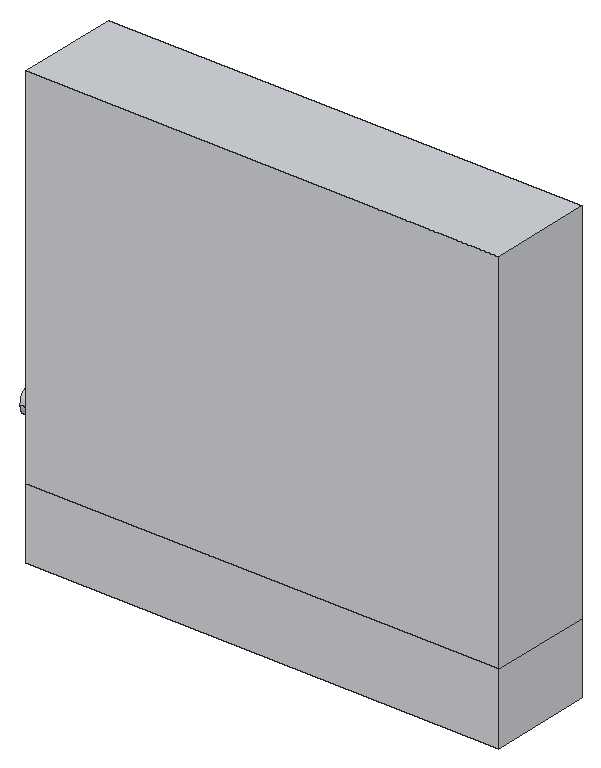
Revit family "Serpentina AHU - Água resfriada - HDT", category Equipamento mecânico, Revit 2019
Family settings
  Cota do conector redondo = Usar raio
  Tipo de parte = Normal
  ID de item do Seek = AHU Coil - Refrigerant - Indoor-0000-USA-ENU
  Com base no plano de trabalho = Não
  Sempre na vertical = Sim
  Corte com vazios quando carregada = Não
  Compartilhado = Não
  Ponto de cálculo do ambiente = Não
Parameters (values of type "Padrão")
  Queda de pressão da água [instance] = 39817.0 Pa
  Altura da conexão de água 2 = 650 mm
  Altura da conexão de água 1 = 200 mm
  Largura do duto = 800 mm
  Altura do duto = 625 mm
  Raio da drenagem = 20 mm
  Largura da serpentina = 175 mm
  Comprimento da serpentina = 800 mm
  Altura da serpentina = 745 mm
  Material base = none
  Altura base = 120 mm
  Velocidade do ar [instance] = 2.55 m/s
  Fluxo de ar [instance] = Velocidade do ar * Altura do duto * Largura do duto  # 1.275 m³/s
  Raio 2 = Raio da água + 25.4 mm  # 50.4 mm
  Raio 1 = Raio 2 / 2  # 25.2 mm
  Fluxo da drenagem [instance] = 0.0 L/s
  Material da serpentina = none
  Raio da água = 25 mm
  Fluxo da água [instance] = 1.0 L/s
  Diâmetro da água = Raio da água * 2  # 50 mm
  Queda de pressão do ar [instance] = 192.0 Pa
Reference planes
  plane 1 "Parte frontal": y = 0
  plane 2 "Inferior": z = 0
  plane 3 "Centro (direita/esquerda)": x = 0
  plane 4 "Direita": x = 400
  plane 5 "Centro (Frente/Trás)": y = 87.5
  plane 6 "Parte posterior": y = 175
  plane 7: y = 149.6
  plane 8: y = 99.2
  plane 9: y = 25.4
  plane 10: y = 75.8
  plane 11 "Superior": z = 745
  plane 12: z = 685
  plane 13: z = 60
  plane 14: x = 400
  plane 15: x = -400
  plane 16: x = -450
  plane 17: x = -400
  plane 18: x = -450
  plane 19: z = 120
  plane 20: z = 200
  plane 21: z = 650
  plane 22: z = 372.5
  plane 23 "Base": z = 120
Forms (mm)
  Extrusion 1, solid, material <- "Material da serpentina"
    sketch origin (0, 0, 0) x (1, 0, 0) y (0, 0, 1)
      loop
        line (-400, 745) -> (-400, 120) -> (400, 120) -> (400, 745) -> (-400, 745)
    from -175 to 0
  Extrusion 2, solid, material <- "Material da serpentina"
    sketch origin (0, 0, 0) x (0, 1, 0) y (0, 0, 1)
      loop
        circle (87.5, 120) r 20
    from -450 to -400
  Extrusion 3, solid, material <- "Material da serpentina"
    sketch origin (0, 0, 0) x (0, 1, 0) y (0, 0, 1)
      loop
        circle (99.2, 650) r 25
      loop
        circle (75.8, 200) r 25
    from -450 to -400
  Extrusion 4, solid, material <- "Material base"
    sketch origin (0, 0, -180) x (1, 0, 0) y (0, 0, 1)
      loop
        line (-400, 300) -> (-400, 180) -> (400, 180) -> (400, 300) -> (-400, 300)
    from -175 to 0
Cuts and joins
  joined: Extrusion 1, Extrusion 2, Extrusion 3
Dimensions and locks
  equal spacing: plane 6 "Parte posterior", plane 5 "Centro (Frente/Trás)", plane 1 "Parte frontal"
  "Largura da serpentina": plane 6 "Parte posterior" to plane 1 "Parte frontal"
  locked: plane 6 "Parte posterior" to plane 7 at 25.4
  "Raio 2": plane 7 to plane 8
  locked: plane 1 "Parte frontal" to plane 9 at 25.4
  "Raio 2": plane 10 to plane 9
  "Altura da serpentina": plane 11 "Superior" to plane 2 "Inferior"
  equal spacing: plane 15, plane 3 "Centro (direita/esquerda)", plane 14
  "Largura do duto": plane 15 to plane 14
  equal spacing: plane 11 "Superior", plane 22, plane 2 "Inferior"
  equal spacing: plane 12, plane 22, plane 13
  "Altura do duto": plane 12 to plane 13
  "Altura base": plane 23 "Base" to plane 2 "Inferior"
  "Altura da conexão de água 1": plane 20 to plane 2 "Inferior"
  "Altura da conexão de água 2": plane 21 to plane 2 "Inferior"
  equal spacing: plane 17, plane 3 "Centro (direita/esquerda)", plane 4 "Direita"
  "Comprimento da serpentina": plane 17 to plane 4 "Direita"
  locked: plane 18 to plane 17 at 50
  "Raio da drenagem": radius of Extrusion 2 sketch curve
  "Raio da água": radius of Extrusion 3 sketch curve  (x2)
  aligned and locked: Extrusion 1 sketch curve to plane 11 "Superior"
  aligned and locked: plane 4 "Direita" to Extrusion 1 sketch curve
  aligned and locked: plane 6 "Parte posterior" to Extrusion 1
  aligned and locked: plane 1 "Parte frontal" to Extrusion 1
  aligned and locked: plane 5 "Centro (Frente/Trás)" to Extrusion 2 sketch curve
  aligned and locked: plane 19 to Extrusion 2 sketch curve
  aligned and locked: plane 10 to Extrusion 3 sketch curve
  aligned and locked: plane 20 to Extrusion 3 sketch curve
  aligned and locked: plane 8 to Extrusion 3 sketch curve
  aligned and locked: plane 21 to Extrusion 3 sketch curve
  aligned and locked: Extrusion 3 to plane 18
  aligned and locked: plane 17 to Extrusion 3
  aligned and locked: plane 23 "Base" to Extrusion 1 sketch curve
  aligned and locked: Extrusion 4 to plane 19
  aligned and locked: Extrusion 4 to plane 2 "Inferior"
  aligned and locked: plane 6 "Parte posterior" to Extrusion 4
  aligned and locked: Extrusion 2 to plane 18
  aligned and locked: plane 17 to cut or joined group of Extrusion 1, Extrusion 2, Extrusion 3
Automatic sketch dimensions
  plane 4 "Direita" to Extrusion 4 sketch curve = 0 mm
  Extrusion 4 sketch curve to level = 0 mm
  Extrusion 4 sketch curve to plane 21 = 530 mm
  Extrusion 1 sketch curve to plane 17 = 0 mm
  Extrusion 4 sketch curve to plane 17 = 0 mm
Connectors
  piping at (-450, 99.2, 650), diameter 50, driven by "Fluxo da água", driven by "Queda de pressão da água", driven by "Raio da água"
    settings: on cut or joined group of Extrusion 1, Extrusion 2, Extrusion 3, index 3, connector inside diameter 50 mm, connector length 0 mm, flow factor 0, pipe flow 1.0 L/s, pressure drop 39817.0 Pa, fitting loss kfactor 0, connector angle 0.00°, fixture units 0, engagement length 0 mm, angle of deflection 0.00°, flow configuration 1, flow direction 2, fitting loss method 4, system type 8, joint type 0, gender type 0, connector reference index 4, connector utility 0, adjustable connector no, is connector primary yes, connector description "Saída de água resfriada"
  piping at (-450, 75.8, 200), diameter 50, driven by "Raio da água", driven by "Fluxo da água"
    settings: on cut or joined group of Extrusion 1, Extrusion 2, Extrusion 3, index 4, connector inside diameter 50 mm, connector length 0 mm, flow factor 0, pipe flow 1.0 L/s, pressure drop 0.0 Pa, fitting loss kfactor 0, connector angle 0.00°, fixture units 0, engagement length 0 mm, angle of deflection 0.00°, flow configuration 1, flow direction 1, fitting loss method 4, system type 7, joint type 0, gender type 0, connector reference index 3, connector utility 0, adjustable connector no, is connector primary no, connector description "Entrada de água resfriada"
  piping at (-450, 87.5, 120), diameter 40, driven by "Raio da drenagem", driven by "Fluxo da drenagem"
    settings: on cut or joined group of Extrusion 1, Extrusion 2, Extrusion 3, index 5, connector inside diameter 40 mm, connector length 0 mm, flow factor 0, pipe flow 0.0 L/s, pressure drop 0.0 Pa, fitting loss kfactor 0, connector angle 0.00°, fixture units 0, engagement length 0 mm, angle of deflection 0.00°, flow configuration 1, flow direction 2, fitting loss method 0, system type 16, joint type 0, gender type 0, connector reference index -1, connector utility 0, adjustable connector yes, is connector primary no, connector description "Saída da drenagem"
  hvac at (0, 175, 432.5), driven by "Altura do duto", driven by "Largura do duto", driven by "Queda de pressão do ar", driven by "Fluxo de ar"
    settings: on cut or joined group of Extrusion 1, Extrusion 2, Extrusion 3, index 7, duct flow 1.275 m³/s, flow factor 0, pres drop 192.0 Pa, loss coef 0, conn angle 0.00°, conn width 800 mm, conn height 625 mm, conn diameter 609.6 mm, duct sys type 1, conn prof type 1, flow config 0, flow direction 2, loss method 4, conn ref index 8, conn util no, is conn primary yes, conn desc "Saída de suprimento de ar"
  hvac at (0, 0, 432.5), driven by "Fluxo de ar", driven by "Altura do duto", driven by "Largura do duto"
    settings: on cut or joined group of Extrusion 1, Extrusion 2, Extrusion 3, index 8, duct flow 1.275 m³/s, flow factor 0, pres drop 0.0 Pa, loss coef 0, conn angle 0.00°, conn width 800 mm, conn height 625 mm, conn diameter 609.6 mm, duct sys type 2, conn prof type 1, flow config 0, flow direction 1, loss method 0, conn ref index 7, conn util no, is conn primary no, conn desc "Entrada de ar fresco"
Types in the file's own list only (18): name | Altura da conexão de água 2 | Altura da conexão de água 1 | Largura do duto | Altura do duto | Comprimento da serpentina | Altura da serpentina | Raio 2 | Raio 1
  Para 0.24 metros quadrados de serpentina | 645 mm | 220 mm | 800 mm | 625 mm | 800 mm | 745 mm | 50 mm | 25 mm
  Para 0.31 metros quadrados de serpentina | 645 mm | 220 mm | 975 mm | 625 mm | 975 mm | 745 mm | 50 mm | 25 mm
  Para 0.47 metros quadrados de serpentina | 645 mm | 220 mm | 1325 mm | 625 mm | 1325 mm | 745 mm | 50 mm | 25 mm
  Para 0.67 metros quadrados de serpentina | 820 mm | 220 mm | 1325 mm | 800 mm | 1325 mm | 920 mm | 50 mm | 25 mm
  Para 0.78 metros quadrados de serpentina | 820 mm | 220 mm | 1500 mm | 800 mm | 1500 mm | 920 mm | 50 mm | 25 mm
  Para 0.98 metros quadrados de serpentina | 995 mm | 220 mm | 1500 mm | 975 mm | 1500 mm | 1095 mm | 50 mm | 25 mm
  Para 1.13 metros quadrados de serpentina | 995 mm | 220 mm | 1675 mm | 975 mm | 1675 mm | 1095 mm | 50 mm | 25 mm
  Para 1.57 metros quadrados de serpentina | 1170 mm | 220 mm | 1850 mm | 1150 mm | 1850 mm | 1270 mm | 50 mm | 25 mm
  Para 1.88 metros quadrados de serpentina | 1520 mm | 220 mm | 1675 mm | 1500 mm | 1675 mm | 1620 mm | 50 mm | 25 mm
  Para 2.12 metros quadrados de serpentina | 1520 mm | 220 mm | 1850 mm | 1500 mm | 1850 mm | 1620 mm | 50 mm | 25 mm
  Para 2.44 metros quadrados de serpentina | 1695 mm | 220 mm | 2025 mm | 1675 mm | 2025 mm | 1795 mm | 50 mm | 25 mm
  Para 2.88 metros quadrados de serpentina | 1870 mm | 220 mm | 2025 mm | 1850 mm | 2025 mm | 1970 mm | 50 mm | 25 mm
  Para 3.17 metros quadrados de serpentina | 1870 mm | 220 mm | 2200 mm | 1850 mm | 2200 mm | 1970 mm | 50 mm | 25 mm
  Para 3.46 metros quadrados de serpentina | 1870 mm | 220 mm | 2375 mm | 1850 mm | 2375 mm | 1970 mm | 50 mm | 25 mm
  Para 3.86 metros quadrados de serpentina | 2045 mm | 220 mm | 2375 mm | 2025 mm | 2375 mm | 2145 mm | 50 mm | 25 mm
  Para 4.19 metros quadrados de serpentina | 2220 mm | 220 mm | 2375 mm | 2200 mm | 2375 mm | 2320 mm | 50 mm | 25 mm
  Para 5.25 metros quadrados de serpentina | 2220 mm | 220 mm | 2900 mm | 2200 mm | 2900 mm | 2320 mm | 50 mm | 25 mm
  Para 6.16 metros quadrados de serpentina | 2570 mm | 220 mm | 2900 mm | 2550 mm | 2900 mm | 2670 mm | 50 mm | 25 mm
